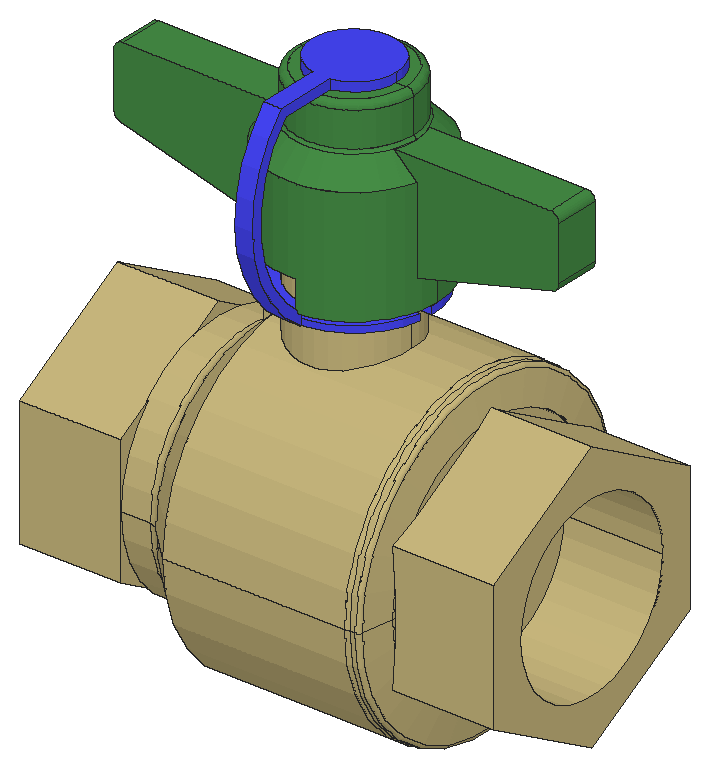
Revit family "QA02570000", category Apparecchi idraulici, Revit 2016
Family settings
  Tipo di parte = Normale
  Quota connettore circolare = Usa diametro
  Numero OmniClass = 23.45.00.00
  Titolo OmniClass = Sanitary, Laundry, and Cleaning Equipment
  Basato su piano di lavoro = No
  Sempre verticale = Sì
  Taglio con vuoti quando caricato = No
  Condiviso = No
  Punto di calcolo locali = No
Parameters
  URL = "https://web.cimberio.it/index.php/figura/1633?subcategoria_id=102"
  Produttore = "CIMBERIO SPA"
  Modello = "Cim 312CRNLF21"
  DN Model [instance] = QA02571040 : QA02571040
  DN [instance] = 40 mm
Reference planes
  plane 1 "Centro (Fronte/Retro)": y = 0
  plane 2: z = 0
  plane 3 "Centro (Sinistra/Destra)": x = 0
Dimensions and locks
  aligned and locked: level to plane 2
Nested families
  nested 1: "QA02571040" at (0, 0, 0), type <- "DN Model", type "QA02571040"
  nested 2: "QA02571040" at (0, 0, 0), type <- "DN Model", type "QA02571040"
  nested 3: "QA02571040" at (0, 0, 0), type <- "DN Model", type "QA02571040"
  nested 4: "QA02571040" at (0, 0, 0), type <- "DN Model", type "QA02571040"
  nested 5: "QA02571040" at (0, 0, 0), type <- "DN Model", type "QA02571040"
  nested 6: "QA02571040" at (0, 0, 0), type <- "DN Model", type "QA02571040"
Connectors
  piping at (53.25, 0, 0), diameter 40, driven by "DN"
    settings: on nested 1, index 1, connector inside diameter 609.6 mm, connector length 0 mm, flow factor 0, pipe flow 0.0 L/s, pressure drop 0.0 Pa, fitting loss kfactor 0, connector angle 0.00°, fixture units 0, engagement length 0 mm, angle of deflection 0.00°, flow configuration 0, flow direction 0, fitting loss method 0, system type 7, joint type 0, gender type 0, connector reference index -1, connector utility 0, adjustable connector no, is connector primary yes, connector description ""
  piping at (-53.05, 0, 0), diameter 40, driven by "DN"
    settings: on nested 1, index 2, connector inside diameter 609.6 mm, connector length 0 mm, flow factor 0, pipe flow 0.0 L/s, pressure drop 0.0 Pa, fitting loss kfactor 0, connector angle 0.00°, fixture units 0, engagement length 0 mm, angle of deflection 0.00°, flow configuration 0, flow direction 0, fitting loss method 0, system type 7, joint type 0, gender type 0, connector reference index -1, connector utility 0, adjustable connector no, is connector primary no, connector description ""
Definition of nested family "QA02571040"
  Reference planes
    plane 1 "Centro (Fronte/Retro)": y = 0
    plane 2: z = 0
    plane 3 "Centro (Sinistra/Destra)": x = 0
  Forms (mm)
    Revolve 1, solid
      sketch origin (0, 0, 0) x (0, 1, 0) y (-1, 0, 0)
        loop
          line (13.75, 30.5) -> (13.75, -30.971) -> (28, -30.971) -> (34.924, -29.75)
          arc (34.924, -29.75) -> (35.516, -29.408) -> (35.75, -28.765) r 1
          line (35.75, -28.765) -> (35.75, -27.476) -> (36, -26.543) -> (36, 14.2) -> (28.379, 21.821)
          arc (28.379, 21.821) -> (27.728, 22.795) -> (27.5, 23.943) r 3
          line (27.5, 23.943) -> (27.5, 30.5) -> (13.75, 30.5)
        axis (0, 30.5) -> (0, -30.971)
      angle from 0 to 360
    Extrusion 2, solid
      sketch origin (-16, 0, 0) x (0, 0, 1) y (0, 1, 0)
        loop
          circle (0, 0) r 20
        loop
          line (-30.3, 0) -> (-14.423, -27.5) -> (14.423, -27.5) -> (30.3, 0) -> (14.423, 27.5) -> (-14.423, 27.5) -> (-30.3, 0)
      from 14.5 to 37.05
    Extrusion 3, solid
      sketch origin (16, 0, 0) x (0, 0, 1) y (0, -1, 0)
        loop
          circle (0, 0) r 20
        loop
          line (-30.3, 0) -> (-14.423, -27.5) -> (14.423, -27.5) -> (30.3, 0) -> (14.423, 27.5) -> (-14.423, 27.5) -> (-30.3, 0)
      from 14.5 to 37.25
    Extrusion 4, solid
      sketch origin (0, 0, 58.3) x (0, 1, 0) y (-1, 0, 0)
        loop
          circle (0, 0) r 12.95
        loop
          circle (0, 0) r 8.25
      from -34.484 to 10
    Revolve 5, solid
      sketch origin (0, 0, 0) x (1, 0, 0) y (0, 0, 1)
        loop
          line (-13.75, 78.3) -> (-18.75, 73.3) -> (-18.75, 47.333) -> (-13.951, 47.333) -> (-13.951, 69.24) -> (0, 69.24) -> (0, 88.25) -> (-11.75, 88.25)
          arc (-11.75, 88.25) -> (-12.811, 87.811) -> (-13.25, 86.75) r 1.5
          line (-13.25, 86.75) -> (-13.25, 79.014)
          arc (-13.25, 79.014) -> (-13.469, 78.635) -> (-13.75, 78.3) r 2.51
        axis (0, 47.333) -> (0, 88.25)
      angle from 0 to 360
    Extrusion 6, solid
      sketch origin (0, 0, 58.3) x (0, 1, 0) y (-1, 0, 0)
        loop
          line (1.6, 19) -> (-1.602, 19) -> (-1.602, 6.145) -> (1.6, 6.145) -> (1.6, 19)
      from -27.95 to -6.5
    Extrusion 7, void
      sketch origin (0, 0, 78.3) x (-1, 0, 0) y (0, 1, 0)
        loop
          line (19.183, -1.602) -> (13.858, -1.602)
          arc (13.858, -1.602) -> (8.588, -10.994) -> (-1.8, -13.834) r 13.951
          line (-1.8, -13.834) -> (-1.8, -19.165)
          arc (-1.8, -19.165) -> (12.355, -14.761) -> (19.183, -1.602) r 19.249
      from 24 to 31.661
    Extrusion 8, solid
      sketch origin (0, 0, 0) x (1, 0, 0) y (0, 0, 1)
        loop
          line (-10.976, 78.25) -> (-48, 78.25)
          arc (-48, 78.25) -> (-49.414, 77.664) -> (-50, 76.25) r 2
          line (-50, 76.25) -> (-50, 64.182)
          arc (-50, 64.182) -> (-49.576, 62.95) -> (-48.484, 62.241) r 2
          line (-48.484, 62.241) -> (-17.491, 53.936) -> (-10.976, 78.25)
        loop
          line (10.976, 78.25) -> (17.491, 53.936) -> (48.484, 62.241)
          arc (48.484, 62.241) -> (49.576, 62.95) -> (50, 64.182) r 2
          line (50, 64.182) -> (50, 76.25)
          arc (50, 76.25) -> (49.414, 77.664) -> (48, 78.25) r 2
          line (48, 78.25) -> (10.976, 78.25)
      from -5.002 to 4.998
    Revolve 9, solid
      sketch origin (0, 0, 0) x (1, 0, 0) y (0, 0, 1)
        loop
          line (12.974, 45.85) -> (12.974, 44.35) -> (17.5, 44.35) -> (17.5, 45.85) -> (12.974, 45.85)
        axis (0, 45.85) -> (0, 44.35)
      angle from 0 to 350
    Extrusion 10, solid
      sketch origin (0, 0, 78.3) x (0, 1, 0) y (-1, 0, 0)
        loop
          circle (0, 0) r 9.5
      from 10 to 12.05
    Extrusion 11, solid
      sketch origin (-16, 0, 0) x (0, 0, 1) y (0, 1, 0)
        loop
          line (90.35, -9) -> (88.3, -9) -> (88.3, -21.833)
          arc (88.3, -21.833) -> (66.645, -28.826) -> (46.908, -17.5) r 28.113
          line (46.908, -17.5) -> (44.35, -17.5)
          arc (44.35, -17.5) -> (66.114, -30.881) -> (90.35, -22.8) r 30.213
          line (90.35, -22.8) -> (90.35, -9)
      from -18 to -14
  Cuts and joins
    Extrusion 7 cuts Revolve 1
    Extrusion 7 cuts Extrusion 4
    joined: Revolve 1, Extrusion 4
    Extrusion 7 cuts Extrusion 6
    Extrusion 7 cuts Revolve 5
    joined: Extrusion 10, Extrusion 11
  Dimensions and locks
    aligned and locked: level to plane 2
